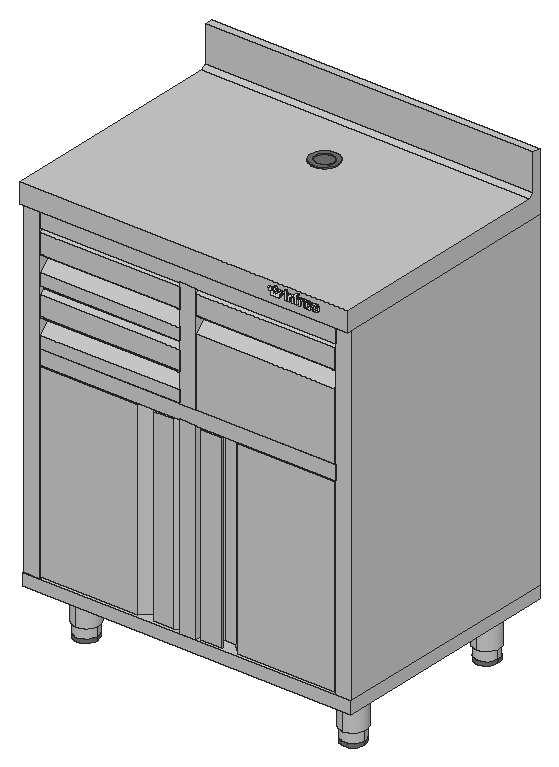
Revit family "QF_INFRICO_MCAF820_250818101734", category Specialty Equipment, Revit 2021
Family settings
  Round Connector Dimension = Use Diameter
  Part Type = Normal
  OmniClass Number = 23.40.40.14
  OmniClass Title = Food Service Equipment
  Work Plane-Based = No
  Always vertical = Yes
  Cut with Voids When Loaded = No
  Shared = No
  Room Calculation Point = No
Parameters (values of type "MCAF820")
  Weight [instance] = 45.00 kg
  Warranty Start Date [instance] = ""
  Warranty Duration [instance] = ""
  URL Recommended Spares List [instance] = ""
  URL Manufacturer [instance] = ""
  URL Cutsheet [instance] = ""
  URL Critical Spares List [instance] = ""
  URL = "www.infrico.com"
  Technical Documentation [instance] = ""
  Tag Number [instance] = ""
  Status [instance] = ""
  Specification by User [instance] = ""
  Specification by Manufacturer [instance] = ""
  Sound Level [instance] = ""
  Show Logo [instance] = yes
  Show Clearances [instance] = yes
  Service Life Duration [instance] = ""
  Serial Number [instance] = ""
  Seismic Rating [instance] = ""
  SMACNA No [instance] = ""
  Revision Code [instance] = ""
  Revision [instance] = ""
  Production Year [instance] = ""
  Point Load [instance] = 0
  Other Equipment Approvals [instance] = ""
  NAFEM Spec ID Number [instance] = ""
  Model Warning [instance] = ""
  Model = "MCAF820"
  Masterspec [instance] = ""
  Manufacturer = "INFRICO"
  Length Actual [instance] = 820 mm
  Item Number [instance] = ""
  Installed By [instance] = ""
  Installation Date [instance] = ""
  Identify Quantity as Lot [instance] = no
  ID [instance] = ""
  Hygiene Approval [instance] = ""
  Height Actual [instance] = 1050 mm
  Furnished By [instance] = ""
  Foodservice Equipment Identifier [instance] = no
  ETL Approved [instance] = no
  Description = "COFFEE UNIT - MCAF SERIES"
  Depth Actual [instance] = 600 mm
  Default Elevation = 0 mm
  Cost = 0
  CSI MasterFormat [instance] = ""
  CE Approved [instance] = no
  Barcode [instance] = 0
  Author [instance] = ""
  Asset Identifier [instance] = ""
  Accessory [instance] = no
Reference planes
  plane 1 "Center (Front/Back)": y = 0
  plane 2: z = 0
  plane 3 "Center (Left/Right)": x = 0
Dimensions and locks
  aligned and locked: level to plane 2
Nested families
  nested 1: "QF_INFRICO_MCAF820_2920" at (0, 0, 0), type "MCAF820"
    with Weight 45.00 kg, Warranty Start Date "", Warranty Duration "", URL Cutsheet "", Technical Documentation "", Tag Number "", Status "", Specification by User "", Specification by Manufacturer "", Sound Level "", Solid Fuel Type "", Show Logo yes, Show Clearances yes, Show Clearance yes, Service Life Duration "", Serial Number "", Seismic Rating "", SMACNA No "", Revision Code "", Revision "", Production Year "", Point Load 0, Other Equipment Approvals "", NAFEM Spec ID Number "", Model Warning "", Masterspec "", Length Actual 820 mm, Item Number "", Installed By "", Installation Date "", Identify Quantity as Lot yes, ID "", Hygiene Approval "", Height Actual 1050 mm, Furnished By "", Foodservice Equipment Identifier yes, ETL Approved yes, Depth Actual 600 mm, CSI MasterFormat "", CE Approved no, Barcode "", Author "", Asset Identifier "", Accessory no
  nested 2: "QF_INFRICO_WORKTOP_MCAF_3934" at (0, 0, 990), type "ENC12CPMC8"
    with Weight 0.00 kg, Warranty Start Date "", Warranty Duration "", URL Cutsheet "", Technical Documentation "", Tag Number "", Status "", Specification by User "", Specification by Manufacturer "", Sound Level "", Solid Fuel Type "", Show Logo yes, Show Clearances yes, Show Clearance yes, Service Life Duration "", Serial Number "", Seismic Rating "", SMACNA No "", Revision Code "", Revision "", Production Year "", Point Load 0, Other Equipment Approvals "", NAFEM Spec ID Number "", Model Warning "", Masterspec "", Length Actual 820 mm, Item Number "", Installed By "", Installation Date "", Identify Quantity as Lot yes, ID "", Hygiene Approval "", Height Actual 150 mm, Furnished By "", Foodservice Equipment Identifier yes, ETL Approved yes, Depth Actual 600 mm, CSI MasterFormat "", CE Approved no, Barcode "", Author "", Asset Identifier "", Accessory yes
Definition of nested family "QF_INFRICO_MCAF820_2920"
  Parameters (values of type "MCAF820")
    Weight [instance] = 0.00 kg
    Warranty Start Date [instance] = ""
    Warranty Duration [instance] = ""
    URL Cutsheet [instance] = ""
    URL = "www.infrico.com"
    Technical Documentation [instance] = ""
    Tag Number [instance] = ""
    Status [instance] = ""
    Specification by User [instance] = ""
    Specification by Manufacturer [instance] = ""
    Sound Level [instance] = ""
    Solid Fuel Type [instance] = ""
    Show Logo [instance] = yes
    Show Clearances [instance] = yes
    Show Clearance [instance] = yes
    Service Life Duration [instance] = ""
    Serial Number [instance] = ""
    Seismic Rating [instance] = ""
    SMACNA No [instance] = ""
    Revision Code [instance] = ""
    Revision [instance] = ""
    Production Year [instance] = ""
    Point Load [instance] = 0
    Other Equipment Approvals [instance] = ""
    NAFEM Spec ID Number [instance] = ""
    Model Warning [instance] = ""
    Model = "MCAF820"
    Masterspec [instance] = ""
    Manufacturer = "INFRICO"
    Length Actual [instance] = 0 mm
    Item Number [instance] = ""
    Installed By [instance] = ""
    Installation Date [instance] = ""
    Identify Quantity as Lot [instance] = yes
    ID [instance] = ""
    Hygiene Approval [instance] = ""
    Height Actual [instance] = 0 mm
    Furnished By [instance] = ""
    Foodservice Equipment Identifier [instance] = yes
    ETL Approved [instance] = yes
    Description = "COFFEE UNIT - MCAF SERIES"
    Depth Actual [instance] = 0 mm
    Default Elevation = 0 mm
    CSI MasterFormat [instance] = ""
    CE Approved [instance] = yes
    Barcode [instance] = ""
    Author [instance] = ""
    Asset Identifier [instance] = ""
    Assembly Code = "E1090320"
    Accessory [instance] = yes
  Reference planes
    plane 1 "Back": y = 0
    plane 2: z = 0
    plane 3 "Left": x = 0
    plane 4 "Right": x = 820
    plane 5 "Front": y = -600
    plane 6 "Top": z = 990
  Forms (mm)
    Extrusion 1, solid
      sketch origin (-2324.001, 0, 130) x (0, 1, 0) y (0, 0, 1)
        loop
          line (0, 0) -> (0, 30) -> (-590.42, 30) -> (-590.42, 0) -> (0, 0)
      from 2324.001 to 3144.025
    Extrusion 2, solid
      sketch origin (-4345.421, -1791.354, 306.976) x (0, 1, 0) y (0, 0, 1)
        loop
          line (1203.342, 629.226) -> (1203.342, 580.183)
          arc (1203.342, 580.183) -> (1205.032, 578.387) -> (1206.928, 579.964) r 1.8
          line (1206.928, 579.964) -> (1210.228, 606.836) -> (1214.91, 606.836) -> (1229.152, 592.594) -> (1229.152, 564.227) -> (1203.342, 538.417) -> (1203.342, 369.015) -> (1241.352, 369.015) -> (1241.352, 639.019) -> (1213.135, 639.019) -> (1203.342, 629.226)
      from 4776.423 to 5123.423
    Extrusion 3, solid
      sketch origin (-4733.821, -1791.354, 306.976) x (0, 1, 0) y (0, 0, 1)
        loop
          line (1203.342, 489.209) -> (1203.342, 440.167)
          arc (1203.342, 440.167) -> (1205.032, 438.37) -> (1206.928, 439.947) r 1.8
          line (1206.928, 439.947) -> (1210.228, 466.819) -> (1214.927, 466.819) -> (1229.152, 452.594) -> (1229.152, 424.21) -> (1203.342, 398.4) -> (1203.342, 369.015) -> (1241.352, 369.015) -> (1241.352, 499.019) -> (1213.152, 499.019) -> (1203.342, 489.209)
        loop
          line (1203.342, 629.226) -> (1203.342, 580.167)
          arc (1203.342, 580.167) -> (1205.032, 578.37) -> (1206.928, 579.947) r 1.8
          line (1206.928, 579.947) -> (1210.228, 606.819) -> (1214.927, 606.819) -> (1229.152, 592.594) -> (1229.152, 564.21) -> (1203.342, 538.4) -> (1203.342, 509.015) -> (1241.352, 509.015) -> (1241.352, 639.019) -> (1213.135, 639.019) -> (1203.342, 629.226)
      from 4775.843 to 5122.843
    Extrusion 4, solid
      sketch origin (-323.501, 0.1, 129.6) x (1, 0, 0) y (0, 1, 0)
        loop
          line (713.523, -550.102) -> (713.523, -588.112) -> (753.503, -588.112) -> (753.503, -550.102) -> (741.503, -550.102) -> (741.503, -576.302) -> (725.523, -576.302) -> (725.523, -550.102) -> (713.523, -550.102)
      from 545.391 to 817.395
    Extrusion 5, solid
      sketch origin (-323.501, 0.1, 129.6) x (1, 0, 0) y (0, 0, 1)
        loop
          line (363.501, 545.391) -> (363.501, 510.391) -> (1103.525, 510.391) -> (1103.525, 545.391) -> (363.501, 545.391)
      from 550.102 to 588.112
    Extrusion 6, solid
      sketch origin (-323.501, 0.1, 436.604) x (1, 0, 0) y (0, 0, 1)
        loop
          line (363.501, 550.391) -> (363.501, 510.391) -> (1103.525, 510.391) -> (1103.525, 550.391) -> (363.501, 550.391)
      from 550.102 to 588.112
    Extrusion 7, solid
      sketch origin (0, 0, 130) x (0, 1, 0) y (0, 0, 1)
        loop
          line (-588.012, 30) -> (0, 30) -> (0, 860) -> (-588.012, 860) -> (-588.012, 30)
      from 0 to 40
    Extrusion 8, solid
      sketch origin (780.024, 0, 130) x (0, 1, 0) y (0, 0, 1)
        loop
          line (-588.012, 30) -> (0, 30) -> (0, 860) -> (-588.012, 860) -> (-588.012, 30)
      from 0 to 40
    Extrusion 9, solid
      sketch origin (40.024, 0, 130) x (0, 1, 0) y (0, 0, 1)
        loop
          line (0, 30) -> (0, 130) -> (-2, 130) -> (-2, 30) -> (0, 30)
      from -0.024 to 740
    Extrusion 10, solid
      sketch origin (-324.001, 0, 129.6) x (0, 1, 0) y (0, 0, 1)
        loop
          line (-2, 545.391) -> (0, 545.391) -> (0, 860.4) -> (-2, 860.4) -> (-2, 545.391)
      from 364.001 to 1104.025
    Extrusion 11, solid
      sketch origin (-123.986, 92, 130) x (0, 1, 0) y (-1, 0, 0)
        loop
          line (-530, -154.986) -> (-630, -154.986) -> (-630, -244.986) -> (-530, -244.986) -> (-530, -154.986)
      from 0 to -3
    Extrusion 12, solid
      sketch origin (-123.986, 92, 0) x (1, 0, 0) y (0, 1, 0)
        loop
          circle (199.986, -580) r 28
      from 9 to 35
    Extrusion 13, solid
      sketch origin (-123.986, 92, 0) x (1, 0, 0) y (0, 1, 0)
        loop
          circle (199.986, -580) r 28.5
      from 0 to 9
    Sweep 14, solid
      path origin (-123.986, 92, 0) x (0, 1, 0) y (0, 0, 1)
        loop
          line (-580, 35) -> (-580, 127)
      profile origin (-123.986, -488, 81) x (0, -1, 0) y (1, 0, 0)
        loop
          circle (0, 199.986) r 32
    Extrusion 15, solid
      sketch origin (-123.986, 510, 130) x (0, 1, 0) y (-1, 0, 0)
        loop
          line (-530, -154.986) -> (-630, -154.986) -> (-630, -244.986) -> (-530, -244.986) -> (-530, -154.986)
      from 0 to -3
    Extrusion 16, solid
      sketch origin (-123.986, 510, 0) x (1, 0, 0) y (0, 1, 0)
        loop
          circle (199.986, -580) r 28
      from 9 to 35
    Extrusion 17, solid
      sketch origin (-123.986, 510, 0) x (1, 0, 0) y (0, 1, 0)
        loop
          circle (199.986, -580) r 28.5
      from 0 to 9
    Sweep 18, solid
      path origin (-123.986, 510, 0) x (0, 1, 0) y (0, 0, 1)
        loop
          line (-580, 35) -> (-580, 127)
      profile origin (-123.986, -70, 81) x (0, -1, 0) y (1, 0, 0)
        loop
          circle (0, 199.986) r 32
    Extrusion 19, solid
      sketch origin (544.028, 92, 130) x (0, 1, 0) y (-1, 0, 0)
        loop
          line (-530, -154.986) -> (-630, -154.986) -> (-630, -244.986) -> (-530, -244.986) -> (-530, -154.986)
      from 0 to -3
    Extrusion 20, solid
      sketch origin (544.028, 92, 0) x (1, 0, 0) y (0, 1, 0)
        loop
          circle (199.986, -580) r 28
      from 9 to 35
    Extrusion 21, solid
      sketch origin (544.028, 92, 0) x (1, 0, 0) y (0, 1, 0)
        loop
          circle (199.986, -580) r 28.5
      from 0 to 9
    Sweep 22, solid
      path origin (544.028, 92, 0) x (0, 1, 0) y (0, 0, 1)
        loop
          line (-580, 35) -> (-580, 127)
      profile origin (544.028, -488, 81) x (0, -1, 0) y (1, 0, 0)
        loop
          circle (0, 199.986) r 32
    Extrusion 23, solid
      sketch origin (544.028, 510, 130) x (0, 1, 0) y (-1, 0, 0)
        loop
          line (-530, -154.986) -> (-630, -154.986) -> (-630, -244.986) -> (-530, -244.986) -> (-530, -154.986)
      from 0 to -3
    Extrusion 24, solid
      sketch origin (544.028, 510, 0) x (1, 0, 0) y (0, 1, 0)
        loop
          circle (199.986, -580) r 28
      from 9 to 35
    Extrusion 25, solid
      sketch origin (544.028, 510, 0) x (1, 0, 0) y (0, 1, 0)
        loop
          circle (199.986, -580) r 28.5
      from 0 to 9
    Sweep 26, solid
      path origin (544.028, 510, 0) x (0, 1, 0) y (0, 0, 1)
        loop
          line (-580, 35) -> (-580, 127)
      profile origin (544.028, -70, 81) x (0, -1, 0) y (1, 0, 0)
        loop
          circle (0, 199.986) r 32
    Extrusion 27, solid
      sketch origin (-323.501, 0.1, -177.004) x (1, 0, 0) y (0, 1, 0)
        loop
          line (713.523, -550.102) -> (713.523, -588.112) -> (753.503, -588.112) -> (753.503, -550.102) -> (741.503, -550.102) -> (741.503, -576.302) -> (725.523, -576.302) -> (725.523, -550.102) -> (713.523, -550.102)
      from 337.004 to 816.995
    Extrusion 28, solid
      sketch origin (-2324.001, -1999.892, 129.3) x (1, 0, 0) y (0, 1, 0)
        loop
          line (2649.583, 1411.88) -> (2700.005, 1411.88) -> (2710.015, 1421.89) -> (2710.015, 1449.89) -> (2367.015, 1449.89) -> (2367.015, 1411.88) -> (2608.712, 1411.88) -> (2634.927, 1438.094) -> (2663.311, 1438.094) -> (2677.536, 1423.869) -> (2677.536, 1419.171) -> (2649.117, 1415.681)
          arc (2649.117, 1415.681) -> (2647.668, 1413.574) -> (2649.583, 1411.88) r 1.929
      from 35.663 to 505.683
    Extrusion 29, solid
      sketch origin (3144.025, -1999.892, 129.3) x (-1, 0, 0) y (0, -1, 0)
        loop
          arc (2649.583, -1411.88) -> (2647.668, -1413.574) -> (2649.117, -1415.681) r 1.929
          line (2649.117, -1415.681) -> (2677.536, -1419.171) -> (2677.536, -1423.869) -> (2663.311, -1438.094) -> (2634.927, -1438.094) -> (2608.712, -1411.88) -> (2367.015, -1411.88) -> (2367.015, -1449.89) -> (2710.015, -1449.89) -> (2710.015, -1421.89) -> (2700.005, -1411.88) -> (2649.583, -1411.88)
      from 35.663 to 505.683
    Extrusion 30, solid, detail levels coarse
      sketch origin (-324.001, 0.1, -0.7) x (1, 0, 0) y (0, 1, 0)
        loop
          line (367.015, -588.112) -> (367.015, -893.112) -> (405.015, -893.112)
          arc (405.015, -893.112) -> (620.683, -803.78) -> (710.015, -588.112) r 305
          line (710.015, -588.112) -> (367.015, -588.112)
      from 165.663 to 635.683
    Extrusion 31, solid, detail levels coarse
      sketch origin (1144.025, 0.1, -0.7) x (-1, 0, 0) y (0, -1, 0)
        loop
          line (367.015, 588.112) -> (710.015, 588.112)
          arc (710.015, 588.112) -> (620.683, 803.78) -> (405.015, 893.112) r 305
          line (405.015, 893.112) -> (367.015, 893.112) -> (367.015, 588.112)
      from 165.663 to 635.683
  Lines and regions (mm)
    symbolic lines
      curve 1: line (0, 0, 0) -> (0, -600, 0)
      curve 2: line (0, -600, 0) -> (820, -600, 0)
      curve 3: line (820, -600, 0) -> (820, 0, 0)
      curve 4: line (820, 0, 0) -> (0, 0, 0)
      curve 5: line (43.014, -600, 0) -> (43.014, -893.012, 0)
      curve 6: arc (81.014, -893.012, 0) -> (292.401, -807.877, 0) -> (385.779, -600, 0) r 305
      curve 7: line (43.014, -893.012, 0) -> (81.014, -893.012, 0)
      curve 8: line (739.01, -893.012, 0) -> (777.01, -893.012, 0)
      curve 9: arc (434.245, -600, 0) -> (527.623, -807.877, 0) -> (739.01, -893.012, 0) r 305
      curve 10: line (777.01, -893.012, 0) -> (777.01, -600, 0)
  Dimensions and locks
    plane 3 "Left" to plane 4 "Right" = 820 mm
    plane 1 "Back" to plane 5 "Front" = 600 mm  (x2)
    plane 4 "Right" to plane 3 "Left" = 820 mm
    plane 6 "Top" to level = 990 mm  (x2)
    aligned and locked: level to plane 2
Definition of nested family "QF_INFRICO_WORKTOP_MCAF_3934"
  Parameters (values of type "ENC12CPMC25")
    Weight [instance] = 0.00 kg
    Warranty Start Date [instance] = ""
    Warranty Duration [instance] = ""
    URL Cutsheet [instance] = ""
    URL = "www.infrico.com"
    Technical Documentation [instance] = ""
    Tag Number [instance] = ""
    Status [instance] = ""
    Specification by User [instance] = ""
    Specification by Manufacturer [instance] = ""
    Sound Level [instance] = ""
    Solid Fuel Type [instance] = ""
    Show Logo [instance] = yes
    Show Clearances [instance] = yes
    Show Clearance [instance] = yes
    Service Life Duration [instance] = ""
    Serial Number [instance] = ""
    Seismic Rating [instance] = ""
    SMACNA No [instance] = ""
    Revision Code [instance] = ""
    Revision [instance] = ""
    Production Year [instance] = ""
    Point Load [instance] = 0
    Other Equipment Approvals [instance] = ""
    NAFEM Spec ID Number [instance] = ""
    Model Warning [instance] = ""
    Model = "ENC12CPMC25"
    Masterspec [instance] = ""
    Manufacturer = "INFRICO"
    Length Actual [instance] = 0 mm
    Length = 2452 mm
    Item Number [instance] = ""
    Installed By [instance] = ""
    Installation Date [instance] = ""
    Identify Quantity as Lot [instance] = yes
    ID [instance] = ""
    Hygiene Approval [instance] = ""
    Height Actual [instance] = 0 mm
    Furnished By [instance] = ""
    Foodservice Equipment Identifier [instance] = yes
    ETL Approved [instance] = yes
    Description = "WORKTOP WITH BACKSPLASH"
    Depth Actual [instance] = 0 mm
    Depth = 600 mm
    Default Elevation = 0 mm
    CSI MasterFormat [instance] = ""
    CE Approved [instance] = yes
    Barcode [instance] = ""
    Author [instance] = ""
    Asset Identifier [instance] = ""
    Assembly Code = "E1090320"
    Accessory [instance] = yes
  Types (5, lengths in mm): name | Model | Length
    ENC12CPMC8 | "ENC12CPMC8" | 820
    ENC12CPMC10 | "ENC12CPMC10" | 1000
    ENC12CPMC15 | "ENC12CPMC15" | 1468
    ENC12CPMC20 | "ENC12CPMC20" | 1960
    ENC12CPMC25 | "ENC12CPMC25" | 2452
  Reference planes
    plane 1 "Back": y = 0
    plane 2: z = 0
    plane 3 "Left": x = 0
    plane 4 "Right": x = 2452
    plane 5 "Front": y = -600
    plane 6 "Top": z = 150
    plane 7 "Center": x = 1226
    plane 8: z = 50
  Forms (mm)
    Extrusion 1, solid
      sketch origin (0, 0, 0) x (0, 1, 0) y (0, 0, 1)
        loop
          line (0, 0) -> (0, 150) -> (-20, 150) -> (-20, 60) -> (-30, 50) -> (-600, 50) -> (-600, 0) -> (0, 0)
      from 0 to 2452
    Extrusion 2, solid
      sketch origin (0, 0, 50) x (1, 0, 0) y (0, 1, 0)
        loop
          circle (1226, -160) r 34
        loop
          circle (1226, -160) r 23
      from 0 to 2
    Extrusion 3, solid
      sketch origin (0, 0, 48.5) x (1, 0, 0) y (0, 1, 0)
        loop
          circle (1226, -160) r 23
      from 0 to 2
  Lines and regions (mm)
    symbolic lines
      curve 1: line (2452, 0, 0) -> (0, 0, 0)
      curve 2: line (0, 0, 0) -> (0, -600, 0)
      curve 3: line (0, -600, 0) -> (2452, -600, 0)
      curve 4: line (2452, -600, 0) -> (2452, 0, 0)
      curve 5: line (0, -20, 0) -> (2452, -20, 0)
      curve 6: circle (1226, -160, 0) r 34 normal (0, 0, 1)
      curve 7: circle (1226, -160, 0) r 23 normal (0, 0, -1)
  Dimensions and locks
    plane 6 "Top" to level = 150 mm
    plane 1 "Back" to plane 5 "Front" = 600 mm
    equal spacing: plane 3 "Left", plane 7 "Center", plane 4 "Right"
    "Length": plane 3 "Left" to plane 4 "Right"
    "Depth": plane 5 "Front" to plane 1 "Back"
    locked: plane 8 to plane 2 at 50
    locked: nested 1 to plane 4 "Right" at 143.718
    aligned and locked: level to plane 2
    aligned and locked: Extrusion 1 to plane 4 "Right"
    aligned and locked: nested 1 to plane 2
    aligned and locked: nested 1 to plane 5 "Front"
  Automatic sketch dimensions
    curve 6 to curve 7 = 0 mm  (x2)
    plane 1 "Back" to curve 1 = 0 mm
    curve 1 to plane 3 "Left" = 0 mm
    curve 6 to plane 7 "Center" = 0 mm
    curve 4 to plane 4 "Right" = 0 mm
    curve 3 to plane 5 "Front" = 0 mm
    plane 1 "Back" to curve 7 = 160 mm
    plane 1 "Back" to curve 5 = 20 mm
    Extrusion 1 sketch curve to level = 0 mm
    Extrusion 1 sketch curve to plane 5 "Front" = 0 mm
    Extrusion 1 sketch curve to plane 6 "Top" = 0 mm
    Extrusion 1 sketch curve to plane 1 "Back" = 0 mm
    plane 1 "Back" to Extrusion 1 sketch curve = 30 mm
    Extrusion 1 sketch curve to Extrusion 1 sketch curve = 10 mm  (x2)
    level to Extrusion 1 sketch curve = 50 mm
    Extrusion 2 sketch curve to Extrusion 2 sketch curve = 0 mm  (x2)
    Extrusion 2 sketch curve to plane 7 "Center" = 0 mm
    plane 1 "Back" to Extrusion 2 sketch curve = 160 mm
    Extrusion 3 sketch curve to plane 7 "Center" = 0 mm
    plane 1 "Back" to Extrusion 3 sketch curve = 160 mm
    radius of curve 6 = 34 mm
    radius of curve 7 = 23 mm
    radius of Extrusion 2 sketch curve = 34 mm
    radius of Extrusion 2 sketch curve = 23 mm
    radius of Extrusion 3 sketch curve = 23 mm
  Nested families
    nested 1: "Infrico_Logo" at (2308.282, -600, 0), type "Infrico_Logo"
      with Show Logo yes
  Definition of nested family "Infrico_Logo"
    Parameters
      Show Logo [instance] = yes
      Default Elevation = 0 mm
    Reference planes
      plane 1 "Center (Front/Back)": y = 0
      plane 2: z = 0
      plane 3 "Center (Left/Right)": x = 0
    Forms (mm)
      Extrusion 1, solid, visible <- "Show Logo"
        sketch origin (0, 0, 0) x (1, 0, 0) y (0, 0, 1)
          loop
            line (-7.673, 19.987) -> (-7.673, 42.661) -> (-12.299, 42.661) -> (-12.299, 19.987) -> (-7.673, 19.987)
          loop
            line (-1.693, 36.463) -> (-5.189, 36.463) -> (-5.189, 19.987) -> (-0.7, 19.987) -> (-0.7, 31.289)
            arc (-0.7, 31.289) -> (1.056, 32.199) -> (2.945, 32.781) r 11.052
            arc (2.945, 32.781) -> (4.457, 32.418) -> (5.126, 31.015) r 1.806
            line (5.126, 31.015) -> (5.126, 19.987) -> (9.649, 19.987) -> (9.649, 32.146)
            arc (9.649, 32.146) -> (8.165, 35.533) -> (4.669, 36.738) r 4.607
            arc (4.669, 36.738) -> (1.81, 36.131) -> (-0.803, 34.819) r 11.435
            line (-0.803, 34.819) -> (-0.871, 35.641)
            arc (-0.871, 35.641) -> (-1.112, 36.223) -> (-1.693, 36.463) r 0.822
          loop
            line (22.085, 43.56) -> (20.834, 43.56)
            arc (20.834, 43.56) -> (18.58, 43.383) -> (16.409, 42.754) r 11.103
            arc (16.409, 42.754) -> (14.333, 41.074) -> (13.552, 38.519) r 4.567
            line (13.552, 38.519) -> (13.552, 36.366) -> (10.879, 36.16) -> (10.879, 32.831) -> (13.552, 32.831) -> (13.552, 19.987) -> (18.076, 19.987) -> (18.076, 32.831) -> (21.777, 32.831) -> (21.777, 36.395) -> (18.076, 36.395) -> (18.076, 38.005)
            arc (18.076, 38.005) -> (18.484, 39.163) -> (19.573, 39.728) r 1.67
            line (19.573, 39.728) -> (21.228, 39.856)
            arc (21.228, 39.856) -> (21.834, 40.107) -> (22.085, 40.713) r 0.857
            line (22.085, 40.713) -> (22.085, 43.56)
          loop
            line (23.007, 36.463) -> (23.007, 19.987) -> (27.496, 19.987) -> (27.496, 30.809)
            arc (27.496, 30.809) -> (29.401, 32.088) -> (31.605, 32.725) r 7.435
            line (31.605, 32.725) -> (32.769, 32.873)
            arc (32.769, 32.873) -> (33.171, 33.216) -> (33.321, 33.722) r 0.928
            line (33.321, 33.722) -> (33.321, 35.915)
            arc (33.321, 35.915) -> (33.059, 36.518) -> (32.44, 36.737) r 0.824
            arc (32.44, 36.737) -> (29.725, 36.045) -> (27.427, 34.442) r 7.833
            line (27.427, 34.442) -> (27.254, 36.463) -> (23.007, 36.463)
          loop
            line (39.023, 19.987) -> (39.023, 36.463) -> (34.534, 36.463) -> (34.534, 19.987) -> (39.023, 19.987)
          loop
            arc (40.949, 24.784) -> (42.095, 21.645) -> (44.994, 19.982) r 4.873
            arc (44.994, 19.982) -> (48.021, 19.723) -> (51.049, 19.982) r 17.816
            arc (51.049, 19.982) -> (54.103, 22.591) -> (55.033, 26.498) r 6.481
            line (55.033, 26.498) -> (50.715, 26.498) -> (50.715, 25.127)
            arc (50.715, 25.127) -> (50.168, 23.91) -> (48.97, 23.322) r 1.965
            arc (48.97, 23.322) -> (48.076, 23.273) -> (47.181, 23.322) r 8.196
            arc (47.181, 23.322) -> (45.945, 23.873) -> (45.438, 25.127) r 1.806
            line (45.438, 25.127) -> (45.438, 31.358)
            arc (45.438, 31.358) -> (45.945, 32.612) -> (47.181, 33.163) r 1.806
            arc (47.181, 33.163) -> (48.076, 33.212) -> (48.97, 33.163) r 8.196
            arc (48.97, 33.163) -> (50.168, 32.575) -> (50.715, 31.358) r 1.965
            line (50.715, 31.358) -> (50.715, 30.295) -> (55.033, 30.295)
            arc (55.033, 30.295) -> (54.052, 34.014) -> (51.049, 36.416) r 6.132
            arc (51.049, 36.416) -> (48.021, 36.751) -> (44.994, 36.416) r 13.851
            arc (44.994, 36.416) -> (42.099, 34.807) -> (40.949, 31.7) r 4.772
            line (40.949, 31.7) -> (40.949, 24.784)
          loop
            arc (56.444, 24.787) -> (57.521, 21.802) -> (60.254, 20.191) r 4.676
            arc (60.254, 20.191) -> (62.043, 19.913) -> (63.846, 19.748) r 28.371
            arc (63.846, 19.748) -> (65.65, 19.913) -> (67.439, 20.191) r 28.371
            arc (67.439, 20.191) -> (70.172, 21.802) -> (71.248, 24.787) r 4.676
            line (71.248, 24.787) -> (71.248, 31.699)
            arc (71.248, 31.699) -> (70.172, 34.684) -> (67.439, 36.295) r 4.676
            arc (67.439, 36.295) -> (65.65, 36.573) -> (63.846, 36.738) r 28.371
            arc (63.846, 36.738) -> (62.043, 36.573) -> (60.254, 36.295) r 28.371
            arc (60.254, 36.295) -> (57.521, 34.684) -> (56.444, 31.699) r 4.676
            line (56.444, 31.699) -> (56.444, 24.787)
          loop
            line (60.933, 31.323) -> (60.933, 25.162)
            arc (60.933, 25.162) -> (61.372, 24.014) -> (62.464, 23.449) r 1.725
            arc (62.464, 23.449) -> (63.155, 23.376) -> (63.846, 23.313) r 46.133
            arc (63.846, 23.313) -> (64.538, 23.376) -> (65.229, 23.449) r 46.133
            arc (65.229, 23.449) -> (66.321, 24.014) -> (66.759, 25.162) r 1.725
            line (66.759, 25.162) -> (66.759, 31.323)
            arc (66.759, 31.323) -> (66.321, 32.472) -> (65.229, 33.037) r 1.725
            arc (65.229, 33.037) -> (64.538, 33.11) -> (63.846, 33.173) r 46.133
            arc (63.846, 33.173) -> (63.155, 33.11) -> (62.464, 33.037) r 46.133
            arc (62.464, 33.037) -> (61.372, 32.472) -> (60.933, 31.323) r 1.725
          loop
            arc (-26.133, 20) -> (-25.061, 20.444) -> (-24.616, 21.516) r 1.516
            line (-24.616, 21.516) -> (-24.616, 27.349) -> (-20.437, 27.349)
            arc (-20.437, 27.349) -> (-19.682, 27.578) -> (-19.254, 28.24) r 1.147
            line (-19.254, 28.24) -> (-19.254, 29.669)
            arc (-19.254, 29.669) -> (-19.685, 30.716) -> (-20.753, 31.091) r 1.385
            line (-20.753, 31.091) -> (-21.952, 31.091) -> (-19.254, 33.789)
            arc (-19.254, 33.789) -> (-18.867, 34.723) -> (-19.254, 35.657) r 1.321
            line (-19.254, 35.657) -> (-19.977, 36.38)
            arc (-19.977, 36.38) -> (-20.932, 36.796) -> (-21.914, 36.449) r 1.422
            line (-21.914, 36.449) -> (-24.619, 33.744) -> (-24.619, 34.937)
            arc (-24.619, 34.937) -> (-25.029, 35.973) -> (-26.037, 36.449) r 1.516
            line (-26.037, 36.449) -> (-26.958, 36.449)
            arc (-26.958, 36.449) -> (-27.961, 35.971) -> (-28.369, 34.937) r 1.516
            line (-28.369, 34.937) -> (-28.369, 30.287) -> (-34.399, 24.793) -> (-34.399, 30.966) -> (-30.833, 34.532)
            arc (-30.833, 34.532) -> (-30.419, 35.53) -> (-30.833, 36.529) r 1.412
            line (-30.833, 36.529) -> (-31.485, 37.181)
            arc (-31.485, 37.181) -> (-32.533, 37.598) -> (-33.557, 37.124) r 1.428
            line (-33.557, 37.124) -> (-34.399, 36.283) -> (-34.399, 41.241)
            arc (-34.399, 41.241) -> (-34.814, 42.244) -> (-35.817, 42.66) r 1.418
            line (-35.817, 42.66) -> (-36.746, 42.66)
            arc (-36.746, 42.66) -> (-37.749, 42.244) -> (-38.164, 41.241) r 1.418
            line (-38.164, 41.241) -> (-38.164, 36.283) -> (-39.006, 37.124)
            arc (-39.006, 37.124) -> (-40.03, 37.598) -> (-41.078, 37.181) r 1.428
            line (-41.078, 37.181) -> (-41.73, 36.529)
            arc (-41.73, 36.529) -> (-42.144, 35.53) -> (-41.73, 34.532) r 1.412
            line (-41.73, 34.532) -> (-38.164, 30.966) -> (-38.164, 24.793) -> (-44.194, 30.287) -> (-44.194, 34.937)
            arc (-44.194, 34.937) -> (-44.602, 35.971) -> (-45.605, 36.449) r 1.516
            line (-45.605, 36.449) -> (-46.526, 36.449)
            arc (-46.526, 36.449) -> (-47.534, 35.973) -> (-47.944, 34.937) r 1.516
            line (-47.944, 34.937) -> (-47.944, 33.744) -> (-50.649, 36.449)
            arc (-50.649, 36.449) -> (-51.631, 36.796) -> (-52.586, 36.38) r 1.422
            line (-52.586, 36.38) -> (-53.309, 35.657)
            arc (-53.309, 35.657) -> (-53.696, 34.723) -> (-53.309, 33.789) r 1.321
            line (-53.309, 33.789) -> (-50.611, 31.091) -> (-51.81, 31.091)
            arc (-51.81, 31.091) -> (-52.878, 30.716) -> (-53.309, 29.669) r 1.385
            line (-53.309, 29.669) -> (-53.309, 28.24)
            arc (-53.309, 28.24) -> (-52.881, 27.578) -> (-52.126, 27.349) r 1.147
            line (-52.126, 27.349) -> (-47.947, 27.349) -> (-47.947, 21.516)
            arc (-47.947, 21.516) -> (-47.502, 20.444) -> (-46.43, 20) r 1.516
            line (-46.43, 20) -> (-26.133, 20)
        from 0 to 2
    Dimensions and locks
      aligned and locked: level to plane 2
